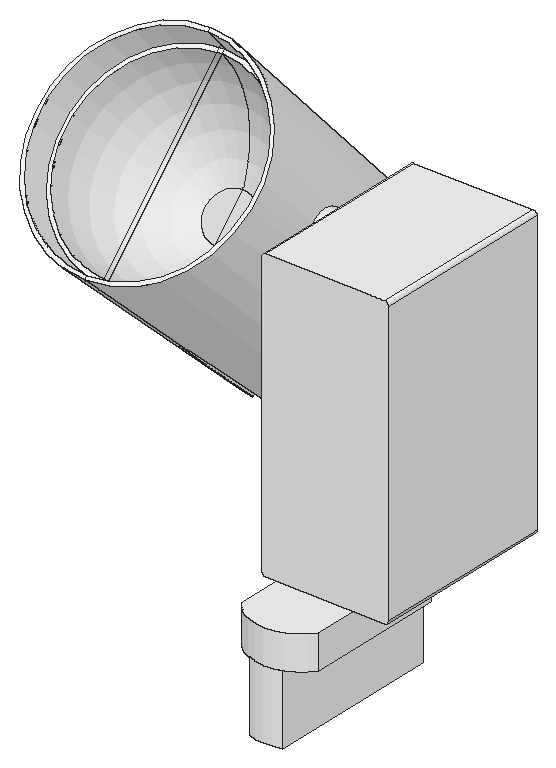
Revit family "0004826 Feilo Sylvania Lighting Fixture START TRACK SPOT S 24W 4K RA80 NB WHITE", category Lighting Fixtures, host Face, Revit 2017 (continued)
Definition of nested family "Start Track Spot Head"
  Types (96, lengths in mm): name | Wattage | built-in parameter 1150134 | Photometric Web File | Model | built-in parameter 1150105 | Lumens | built-in parameter 1150107 | built-in parameter 1150106 | HeadThickness_FEILO | HeadRibOffset_FEILO | HeadRibDepth_FEILO | HeadRibCutWidth_FEILO | HeadRibCutOffset_FEILO | HeadReflectorRadius_FEILO | HeadReflectorOffset_FEILO | HeadLEDRadius_FEILO | HeadHeight_FEILO | HeadDiffusorOffset_FEILO | HeadDiaOut_FEILO | HeadDiaIn_FEILO | HeadAxisFromTop_FEILO | Emit from Circle Diameter | built-in parameter 1150104 | Description | Apparent Load
    0004864 START TRACK SPOT S 24W 3K RA90 WB WHITE | 24 W | (empty or 0) | "0004864.ies" | "START TRACK SPOT S 24W 3K RA90 WB WHITE" | 152.79 (stored number, unit not read) | 1920 lm | 3000 (stored number, unit not read) | 1.5279 (stored number, unit not read) | 1.5 | 4.179 | 55.714 | 7.167 | 50.87 | 50.588 | 55.714 | 9.556 | 117 | 9.435 | 86 | 77.477 | 69.354 | 77.477 | 7.4322 (stored number, unit not read) | "Integrated LED spotlight, Textured White - RAL9016, compact and minimalist design, ideal for retail applications, die-cast aluminium body, passive cooling heatsink. Beam angle: 64°, color temperature: 3000K , total system power: 24W, total fixture output: 1928 lm, LOR: 100%, colour rendering: Ra: 90 typical, LED Chromaticity: 3 step MacAdam ellipse, lifetime: >50000 hours at L70B50, energy class: A++, A+, A, IR/UV free light source without heat radiation, operating voltage: 220-240V / 50-60Hz, drive current: 600mA, electronic driver, non-dimmable, power factor: 0.95, electrical protection: Class II, Global Track 3 Phase adapter suitable for Global trac 3-circuit tracks, ingress protection rating: IP20, suitable for internal environment only, horizontal rotation: 355°, vertical tilt: 90°, dimensions: Ø86x140x200, weight: 0.966kg." | 24 VA
    0004863 START TRACK SPOT S 24W 3K RA90 MB WHITE | 24 W | (empty or 0) | "0004863.ies" | "START TRACK SPOT S 24W 3K RA90 MB WHITE" | 154.7 (stored number, unit not read) | 1944 lm | 3000 (stored number, unit not read) | 1.547 (stored number, unit not read) | 1.5 | 4.179 | 55.714 | 7.167 | 50.87 | 50.588 | 55.714 | 9.556 | 117 | 9.435 | 86 | 77.477 | 69.354 | 77.477 | 7.5251 (stored number, unit not read) | "Integrated LED spotlight, Textured White - RAL9016, compact and minimalist design, ideal for retail applications, die-cast aluminium body, passive cooling heatsink. Beam angle: 36°, color temperature: 3000K , total system power: 24W, total fixture output: 1944 lm, LOR: 100%, colour rendering: Ra: 90 typical, LED Chromaticity: 3 step MacAdam ellipse, lifetime: >50000 hours at L70B50, energy class: A++, A+, A, IR/UV free light source without heat radiation, operating voltage: 220-240V / 50-60Hz, drive current: 600mA, electronic driver, non-dimmable, power factor: 0.95, electrical protection: Class II, Global Track 3 Phase adapter suitable for Global trac 3-circuit tracks, ingress protection rating: IP20, suitable for internal environment only, horizontal rotation: 355°, vertical tilt: 90°, dimensions: Ø86x140x200, weight: 0.966kg." | 24 VA
    0004862 START TRACK SPOT S 24W 3K RA90 NB WHITE | 24 W | (empty or 0) | "0004862.ies" | "START TRACK SPOT S 24W 3K RA90 NB WHITE" | 158.52 (stored number, unit not read) | 1992 lm | 3000 (stored number, unit not read) | 1.5852 (stored number, unit not read) | 1.5 | 4.179 | 55.714 | 7.167 | 50.87 | 50.588 | 55.714 | 9.556 | 117 | 9.435 | 86 | 77.477 | 69.354 | 77.477 | 7.711 (stored number, unit not read) | "Integrated LED spotlight, Textured White - RAL9016, compact and minimalist design, ideal for retail applications, die-cast aluminium body, passive cooling heatsink. Beam angle: 12°, color temperature: 3000K , total system power: 24W, total fixture output: 1987 lm, LOR: 100%, colour rendering: Ra: 90 typical, LED Chromaticity: 3 step MacAdam ellipse, lifetime: >50000 hours at L70B50, energy class: A++, A+, A, IR/UV free light source without heat radiation, operating voltage: 220-240V / 50-60Hz, drive current: 600mA, electronic driver, non-dimmable, power factor: 0.95, electrical protection: Class II, Global Track 3 Phase adapter suitable for Global trac 3-circuit tracks, ingress protection rating: IP20, suitable for internal environment only, horizontal rotation: 355°, vertical tilt: 90°, dimensions: Ø86x140x200, weight: 0.966kg." | 24 VA
    0004861 START TRACK SPOT S 14W 3K RA90 WB WHITE | 14 W | (empty or 0) | "0004861.ies" | "START TRACK SPOT S 14W 3K RA90 WB WHITE" | 100.27 (stored number, unit not read) | 1260 lm | 3000 (stored number, unit not read) | 1.0027 (stored number, unit not read) | 1.5 | 4.179 | 55.714 | 7.167 | 50.87 | 50.588 | 55.714 | 9.556 | 117 | 9.435 | 86 | 77.477 | 69.354 | 77.477 | 8.3613 (stored number, unit not read) | "Integrated LED spotlight, Textured White - RAL9016, compact and minimalist design, ideal for retail applications, die-cast aluminium body, passive cooling heatsink. Beam angle: 64°, color temperature: 3000K , total system power: 14W, total fixture output: 1262 lm, LOR: 100%, colour rendering: Ra: 90 typical, LED Chromaticity: 3 step MacAdam ellipse, lifetime: >50000 hours at L70B50, energy class: A++, A+, A, IR/UV free light source without heat radiation, operating voltage: 220-240V / 50-60Hz, drive current: 350mA, electronic driver, non-dimmable, power factor: 0.92, electrical protection: Class II, Global Track 3 Phase adapter suitable for Global trac 3-circuit tracks, ingress protection rating: IP20, suitable for internal environment only, horizontal rotation: 355°, vertical tilt: 90°, dimensions: Ø86x140x200, weight: 0.940kg." | 14 VA
    0004860 START TRACK SPOT S 14W 3K RA90 MB WHITE | 14 W | (empty or 0) | "0004860.ies" | "START TRACK SPOT S 14W 3K RA90 MB WHITE" | 100.27 (stored number, unit not read) | 1260 lm | 3000 (stored number, unit not read) | 1.0027 (stored number, unit not read) | 1.5 | 4.179 | 55.714 | 7.167 | 50.87 | 50.588 | 55.714 | 9.556 | 117 | 9.435 | 86 | 77.477 | 69.354 | 77.477 | 8.3613 (stored number, unit not read) | "Integrated LED spotlight, Textured White - RAL9016, compact and minimalist design, ideal for retail applications, die-cast aluminium body, passive cooling heatsink. Beam angle: 36°, color temperature: 3000K , total system power: 14W, total fixture output: 1262 lm, LOR: 100%, colour rendering: Ra: 90 typical, LED Chromaticity: 3 step MacAdam ellipse, lifetime: >50000 hours at L70B50, energy class: A++, A+, A, IR/UV free light source without heat radiation, operating voltage: 220-240V / 50-60Hz, drive current: 350mA, electronic driver, non-dimmable, power factor: 0.92, electrical protection: Class II, Global Track 3 Phase adapter suitable for Global trac 3-circuit tracks, ingress protection rating: IP20, suitable for internal environment only, horizontal rotation: 355°, vertical tilt: 90°, dimensions: Ø86x140x200, weight: 0.940kg." | 14 VA
    0004859 START TRACK SPOT S 14W 3K RA90 NB WHITE | 14 W | (empty or 0) | "0004859.ies" | "START TRACK SPOT S 14W 3K RA90 NB WHITE" | 102.5 (stored number, unit not read) | 1288 lm | 3000 (stored number, unit not read) | 1.025 (stored number, unit not read) | 1.5 | 4.179 | 55.714 | 7.167 | 50.87 | 50.588 | 55.714 | 9.556 | 117 | 9.435 | 86 | 77.477 | 69.354 | 77.477 | 8.5471 (stored number, unit not read) | "Integrated LED spotlight, Textured White - RAL9016, compact and minimalist design, ideal for retail applications, die-cast aluminium body, passive cooling heatsink. Beam angle: 12°, color temperature: 3000K , total system power: 14W, total fixture output: 1284 lm, LOR: 100%, colour rendering: Ra: 90 typical, LED Chromaticity: 3 step MacAdam ellipse, lifetime: >50000 hours at L70B50, energy class: A++, A+, A, IR/UV free light source without heat radiation, operating voltage: 220-240V / 50-60Hz, drive current: 350mA, electronic driver, non-dimmable, power factor: 0.92, electrical protection: Class II, Global Track 3 Phase adapter suitable for Global trac 3-circuit tracks, ingress protection rating: IP20, suitable for internal environment only, horizontal rotation: 355°, vertical tilt: 90°, dimensions: Ø86x140x200, weight: 0.940kg." | 14 VA
    0004858 START TRACK SPOT L 55W 4K RA80 WB BLACK | 55 W | 12 | "0004858.ies" | "START TRACK SPOT L 55W 4K RA80 WB BLACK" | 424.55 (stored number, unit not read) | 5335 lm | 4000 (stored number, unit not read) | 4.2455 (stored number, unit not read) | 2 | 4.429 | 59.048 | 9.417 | 53.913 | 66.471 | 59.048 | 12.556 | 124 | 10 | 113 | 101.802 | 73.503 | 101.802 | 9.0116 (stored number, unit not read) | "Integrated LED spotlight, Textured Black - RAL9005, compact and minimalist design, ideal for retail applications, die-cast aluminium body, passive cooling heatsink. Beam angle: 52°, color temperature: 4000K , total system power: 55W, total fixture output: 5320 lm, LOR: 100%, colour rendering: Ra: 80 typical, LED Chromaticity: 3 step MacAdam ellipse, lifetime: >50000 hours at L70B50, energy class: A++, A+, A, IR/UV free light source without heat radiation, operating voltage: 220-240V / 50-60Hz, drive current: 1400mA, electronic driver, non-dimmable, power factor: 0.96, electrical protection: Class II, Global Track 3 Phase adapter suitable for Global trac 3-circuit tracks, ingress protection rating: IP20, suitable for internal environment only, horizontal rotation: 355°, vertical tilt: 90°, dimensions: Ø113x164x240, weight: 1.398kg." | 55 VA
    0004857 START TRACK SPOT L 55W 4K RA80 MB BLACK | 55 W | 12 | "0004857.ies" | "START TRACK SPOT L 55W 4K RA80 MB BLACK" | 428.92 (stored number, unit not read) | 5390 lm | 4000 (stored number, unit not read) | 4.2892 (stored number, unit not read) | 2 | 4.429 | 59.048 | 9.417 | 53.913 | 66.471 | 59.048 | 12.556 | 124 | 10 | 113 | 101.802 | 73.503 | 101.802 | 9.1045 (stored number, unit not read) | "Integrated LED spotlight, Textured Black - RAL9005, compact and minimalist design, ideal for retail applications, die-cast aluminium body, passive cooling heatsink. Beam angle: 38°, color temperature: 4000K , total system power: 55W, total fixture output: 5378 lm, LOR: 100%, colour rendering: Ra: 80 typical, LED Chromaticity: 3 step MacAdam ellipse, lifetime: >50000 hours at L70B50, energy class: A++, A+, A, IR/UV free light source without heat radiation, operating voltage: 220-240V / 50-60Hz, drive current: 1400mA, electronic driver, non-dimmable, power factor: 0.96, electrical protection: Class II, Global Track 3 Phase adapter suitable for Global trac 3-circuit tracks, ingress protection rating: IP20, suitable for internal environment only, horizontal rotation: 355°, vertical tilt: 90°, dimensions: Ø113x164x240, weight: 1.398kg." | 55 VA
    0004856 START TRACK SPOT L 55W 4K RA80 NB BLACK | 55 W | 12 | "0004856.ies" | "START TRACK SPOT L 55W 4K RA80 NB BLACK" | 433.3 (stored number, unit not read) | 5445 lm | 4000 (stored number, unit not read) | 4.333 (stored number, unit not read) | 2 | 4.429 | 59.048 | 9.417 | 53.913 | 66.471 | 59.048 | 12.556 | 124 | 10 | 113 | 101.802 | 73.503 | 101.802 | 9.1974 (stored number, unit not read) | "Integrated LED spotlight, Textured Black - RAL9005, compact and minimalist design, ideal for retail applications, die-cast aluminium body, passive cooling heatsink. Beam angle: 15°, color temperature: 4000K , total system power: 55W, total fixture output: 5426 lm, LOR: 100%, colour rendering: Ra: 80 typical, LED Chromaticity: 3 step MacAdam ellipse, lifetime: >50000 hours at L70B50, energy class: A++, A+, A, IR/UV free light source without heat radiation, operating voltage: 220-240V / 50-60Hz, drive current: 1400mA, electronic driver, non-dimmable, power factor: 0.96, electrical protection: Class II, Global Track 3 Phase adapter suitable for Global trac 3-circuit tracks, ingress protection rating: IP20, suitable for internal environment only, horizontal rotation: 355°, vertical tilt: 90°, dimensions: Ø113x164x240, weight: 1.398kg." | 55 VA
    0004855 START TRACK SPOT L 35W 4K RA80 WB BLACK | 35 W | 12 | "0004855.ies" | "START TRACK SPOT L 35W 4K RA80 WB BLACK" | 320.3 (stored number, unit not read) | 4025 lm | 4000 (stored number, unit not read) | 3.203 (stored number, unit not read) | 2 | 4.429 | 59.048 | 9.417 | 53.913 | 66.471 | 59.048 | 12.556 | 124 | 10 | 113 | 101.802 | 73.503 | 101.802 | 10.684 (stored number, unit not read) | "Integrated LED spotlight, Textured Black - RAL9005, compact and minimalist design, ideal for retail applications, die-cast aluminium body, passive cooling heatsink. Beam angle: 52°, color temperature: 4000K , total system power: 35W, total fixture output: 4010 lm, LOR: 100%, colour rendering: Ra: 80 typical, LED Chromaticity: 3 step MacAdam ellipse, lifetime: >50000 hours at L70B50, energy class: A++, A+, A, IR/UV free light source without heat radiation, operating voltage: 220-240V / 50-60Hz, drive current: 900mA, electronic driver, non-dimmable, power factor: 0.93, electrical protection: Class II, Global Track 3 Phase adapter suitable for Global trac 3-circuit tracks, ingress protection rating: IP20, suitable for internal environment only, horizontal rotation: 355°, vertical tilt: 90°, dimensions: Ø113x164x240, weight: 1.368kg." | 35 VA
    0004854 START TRACK SPOT L 35W 4K RA80 MB BLACK | 35 W | 12 | "0004854.ies" | "START TRACK SPOT L 35W 4K RA80 MB BLACK" | 320.3 (stored number, unit not read) | 4025 lm | 4000 (stored number, unit not read) | 3.203 (stored number, unit not read) | 2 | 4.429 | 59.048 | 9.417 | 53.913 | 66.471 | 59.048 | 12.556 | 124 | 10 | 113 | 101.802 | 73.503 | 101.802 | 10.684 (stored number, unit not read) | "Integrated LED spotlight, Textured Black - RAL9005, compact and minimalist design, ideal for retail applications, die-cast aluminium body, passive cooling heatsink. Beam angle: 38°, color temperature: 4000K , total system power: 35W, total fixture output: 4017 lm, LOR: 100%, colour rendering: Ra: 80 typical, LED Chromaticity: 3 step MacAdam ellipse, lifetime: >50000 hours at L70B50, energy class: A++, A+, A, IR/UV free light source without heat radiation, operating voltage: 220-240V / 50-60Hz, drive current: 900mA, electronic driver, non-dimmable, power factor: 0.93, electrical protection: Class II, Global Track 3 Phase adapter suitable for Global trac 3-circuit tracks, ingress protection rating: IP20, suitable for internal environment only, horizontal rotation: 355°, vertical tilt: 90°, dimensions: Ø113x164x240, weight: 1.368kg." | 35 VA
    0004853 START TRACK SPOT L 35W 4K RA80 NB BLACK | 35 W | 12 | "0004853.ies" | "START TRACK SPOT L 35W 4K RA80 NB BLACK" | 331.44 (stored number, unit not read) | 4165 lm | 4000 (stored number, unit not read) | 3.3144 (stored number, unit not read) | 2 | 4.429 | 59.048 | 9.417 | 53.913 | 66.471 | 59.048 | 12.556 | 124 | 10 | 113 | 101.802 | 73.503 | 101.802 | 11.055 (stored number, unit not read) | "Integrated LED spotlight, Textured Black - RAL9005, compact and minimalist design, ideal for retail applications, die-cast aluminium body, passive cooling heatsink. Beam angle: 15°, color temperature: 4000K , total system power: 35W, total fixture output: 4174 lm, LOR: 100%, colour rendering: Ra: 80 typical, LED Chromaticity: 3 step MacAdam ellipse, lifetime: >50000 hours at L70B50, energy class: A++, A+, A, IR/UV free light source without heat radiation, operating voltage: 220-240V / 50-60Hz, drive current: 900mA, electronic driver, non-dimmable, power factor: 0.93, electrical protection: Class II, Global Track 3 Phase adapter suitable for Global trac 3-circuit tracks, ingress protection rating: IP20, suitable for internal environment only, horizontal rotation: 355°, vertical tilt: 90°, dimensions: Ø113x164x240, weight: 1.368kg." | 35 VA
    0004852 START TRACK SPOT S 24W 4K RA80 WB BLACK | 24 W | 12 | "0004852.ies" | "START TRACK SPOT S 24W 4K RA80 WB BLACK" | 196.72 (stored number, unit not read) | 2472 lm | 4000 (stored number, unit not read) | 1.9672 (stored number, unit not read) | 1.5 | 4.179 | 55.714 | 7.167 | 50.87 | 50.588 | 55.714 | 9.556 | 117 | 9.435 | 86 | 77.477 | 69.354 | 77.477 | 9.569 (stored number, unit not read) | "Integrated LED spotlight, Textured Black - RAL9005, compact and minimalist design, ideal for retail applications, die-cast aluminium body, passive cooling heatsink. Beam angle: 64°, color temperature: 4000K , total system power: 24W, total fixture output: 2476 lm, LOR: 100%, colour rendering: Ra: 80 typical, LED Chromaticity: 3 step MacAdam ellipse, lifetime: >50000 hours at L70B50, energy class: A++, A+, A, IR/UV free light source without heat radiation, operating voltage: 220-240V / 50-60Hz, drive current: 600mA, electronic driver, non-dimmable, power factor: 0.95, electrical protection: Class II, Global Track 3 Phase adapter suitable for Global trac 3-circuit tracks, ingress protection rating: IP20, suitable for internal environment only, horizontal rotation: 355°, vertical tilt: 90°, dimensions: Ø86x140x200, weight: 0.966kg." | 24 VA
    0004851 START TRACK SPOT S 24W 4K RA80 MB BLACK | 24 W | 12 | "0004851.ies" | "START TRACK SPOT S 24W 4K RA80 MB BLACK" | 198.63 (stored number, unit not read) | 2496 lm | 4000 (stored number, unit not read) | 1.9863 (stored number, unit not read) | 1.5 | 4.179 | 55.714 | 7.167 | 50.87 | 50.588 | 55.714 | 9.556 | 117 | 9.435 | 86 | 77.477 | 69.354 | 77.477 | 9.6619 (stored number, unit not read) | "Integrated LED spotlight, Textured Black - RAL9005, compact and minimalist design, ideal for retail applications, die-cast aluminium body, passive cooling heatsink. Beam angle: 36°, color temperature: 4000K , total system power: 24W, total fixture output: 2487 lm, LOR: 100%, colour rendering: Ra: 80 typical, LED Chromaticity: 3 step MacAdam ellipse, lifetime: >50000 hours at L70B50, energy class: A++, A+, A, IR/UV free light source without heat radiation, operating voltage: 220-240V / 50-60Hz, drive current: 600mA, electronic driver, non-dimmable, power factor: 0.95, electrical protection: Class II, Global Track 3 Phase adapter suitable for Global trac 3-circuit tracks, ingress protection rating: IP20, suitable for internal environment only, horizontal rotation: 355°, vertical tilt: 90°, dimensions: Ø86x140x200, weight: 0.966kg." | 24 VA
    0004850 START TRACK SPOT S 24W 4K RA80 NB BLACK | 24 W | 12 | "0004850.ies" | "START TRACK SPOT S 24W 4K RA80 NB BLACK" | 200.54 (stored number, unit not read) | 2520 lm | 4000 (stored number, unit not read) | 2.0054 (stored number, unit not read) | 1.5 | 4.179 | 55.714 | 7.167 | 50.87 | 50.588 | 55.714 | 9.556 | 117 | 9.435 | 86 | 77.477 | 69.354 | 77.477 | 9.7548 (stored number, unit not read) | "Integrated LED spotlight, Textured Black - RAL9005, compact and minimalist design, ideal for retail applications, die-cast aluminium body, passive cooling heatsink. Beam angle: 12°, color temperature: 4000K , total system power: 24W, total fixture output: 2529 lm, LOR: 100%, colour rendering: Ra: 80 typical, LED Chromaticity: 3 step MacAdam ellipse, lifetime: >50000 hours at L70B50, energy class: A++, A+, A, IR/UV free light source without heat radiation, operating voltage: 220-240V / 50-60Hz, drive current: 600mA, electronic driver, non-dimmable, power factor: 0.95, electrical protection: Class II, Global Track 3 Phase adapter suitable for Global trac 3-circuit tracks, ingress protection rating: IP20, suitable for internal environment only, horizontal rotation: 355°, vertical tilt: 90°, dimensions: Ø86x140x200, weight: 0.966kg." | 24 VA
    0004849 START TRACK SPOT S 14W 4K RA80 WB BLACK | 14 W | 12 | "0004849.ies" | "START TRACK SPOT S 14W 4K RA80 WB BLACK" | 123.66 (stored number, unit not read) | 1554 lm | 4000 (stored number, unit not read) | 1.2366 (stored number, unit not read) | 1.5 | 4.179 | 55.714 | 7.167 | 50.87 | 50.588 | 55.714 | 9.556 | 117 | 9.435 | 86 | 77.477 | 69.354 | 77.477 | 10.312 (stored number, unit not read) | "Integrated LED spotlight, Textured Black - RAL9005, compact and minimalist design, ideal for retail applications, die-cast aluminium body, passive cooling heatsink. Beam angle: 64°, color temperature: 4000K , total system power: 14W, total fixture output: 1558 lm, LOR: 100%, colour rendering: Ra: 80 typical, LED Chromaticity: 3 step MacAdam ellipse, lifetime: >50000 hours at L70B50, energy class: A++, A+, A, IR/UV free light source without heat radiation, operating voltage: 220-240V / 50-60Hz, drive current: 350mA, electronic driver, non-dimmable, power factor: 0.92, electrical protection: Class II, Global Track 3 Phase adapter suitable for Global trac 3-circuit tracks, ingress protection rating: IP20, suitable for internal environment only, horizontal rotation: 355°, vertical tilt: 90°, dimensions: Ø86x140x200, weight: 0.940kg." | 14 VA
    0004848 START TRACK SPOT S 14W 4K RA80 MB BLACK | 14 W | 12 | "0004848.ies" | "START TRACK SPOT S 14W 4K RA80 MB BLACK" | 127.01 (stored number, unit not read) | 1596 lm | 4000 (stored number, unit not read) | 1.2701 (stored number, unit not read) | 1.5 | 4.179 | 55.714 | 7.167 | 50.87 | 50.588 | 55.714 | 9.556 | 117 | 9.435 | 86 | 77.477 | 69.354 | 77.477 | 10.591 (stored number, unit not read) | "Integrated LED spotlight, Textured Black - RAL9005, compact and minimalist design, ideal for retail applications, die-cast aluminium body, passive cooling heatsink. Beam angle: 36°, color temperature: 4000K , total system power: 14W, total fixture output: 1598 lm, LOR: 100%, colour rendering: Ra: 80 typical, LED Chromaticity: 3 step MacAdam ellipse, lifetime: >50000 hours at L70B50, energy class: A++, A+, A, IR/UV free light source without heat radiation, operating voltage: 220-240V / 50-60Hz, drive current: 350mA, electronic driver, non-dimmable, power factor: 0.92, electrical protection: Class II, Global Track 3 Phase adapter suitable for Global trac 3-circuit tracks, ingress protection rating: IP20, suitable for internal environment only, horizontal rotation: 355°, vertical tilt: 90°, dimensions: Ø86x140x200, weight: 0.940kg." | 14 VA
    0004847 START TRACK SPOT S 14W 4K RA80 NB BLACK | 14 W | 12 | "0004847.ies" | "START TRACK SPOT S 14W 4K RA80 NB BLACK" | 128.12 (stored number, unit not read) | 1610 lm | 4000 (stored number, unit not read) | 1.2812 (stored number, unit not read) | 1.5 | 4.179 | 55.714 | 7.167 | 50.87 | 50.588 | 55.714 | 9.556 | 117 | 9.435 | 86 | 77.477 | 69.354 | 77.477 | 10.684 (stored number, unit not read) | "Integrated LED spotlight, Textured Black - RAL9005, compact and minimalist design, ideal for retail applications, die-cast aluminium body, passive cooling heatsink. Beam angle: 12°, color temperature: 4000K , total system power: 14W, total fixture output: 1608 lm, LOR: 100%, colour rendering: Ra: 80 typical, LED Chromaticity: 3 step MacAdam ellipse, lifetime: >50000 hours at L70B50, energy class: A++, A+, A, IR/UV free light source without heat radiation, operating voltage: 220-240V / 50-60Hz, drive current: 350mA, electronic driver, non-dimmable, power factor: 0.92, electrical protection: Class II, Global Track 3 Phase adapter suitable for Global trac 3-circuit tracks, ingress protection rating: IP20, suitable for internal environment only, horizontal rotation: 355°, vertical tilt: 90°, dimensions: Ø86x140x200, weight: 0.940kg." | 14 VA
    0004846 START TRACK SPOT L 55W 3K RA80 WB BLACK | 55 W | (empty or 0) | "0004846.ies" | "START TRACK SPOT L 55W 3K RA80 WB BLACK" | 420.17 (stored number, unit not read) | 5280 lm | 3000 (stored number, unit not read) | 4.2017 (stored number, unit not read) | 2 | 4.429 | 59.048 | 9.417 | 53.913 | 66.471 | 59.048 | 12.556 | 124 | 10 | 113 | 101.802 | 73.503 | 101.802 | 8.9187 (stored number, unit not read) | "Integrated LED spotlight, Textured Black - RAL9005, compact and minimalist design, ideal for retail applications, die-cast aluminium body, passive cooling heatsink. Beam angle: 52°, color temperature: 3000K , total system power: 55W, total fixture output: 5298 lm, LOR: 100%, colour rendering: Ra: 80 typical, LED Chromaticity: 3 step MacAdam ellipse, lifetime: >50000 hours at L70B50, energy class: A++, A+, A, IR/UV free light source without heat radiation, operating voltage: 220-240V / 50-60Hz, drive current: 1400mA, electronic driver, non-dimmable, power factor: 0.96, electrical protection: Class II, Global Track 3 Phase adapter suitable for Global trac 3-circuit tracks, ingress protection rating: IP20, suitable for internal environment only, horizontal rotation: 355°, vertical tilt: 90°, dimensions: Ø113x164x240, weight: 1.398kg." | 55 VA
    0004845 START TRACK SPOT L 55W 3K RA80 MB BLACK | 55 W | (empty or 0) | "0004845.ies" | "START TRACK SPOT L 55W 3K RA80 MB BLACK" | 428.92 (stored number, unit not read) | 5390 lm | 3000 (stored number, unit not read) | 4.2892 (stored number, unit not read) | 2 | 4.429 | 59.048 | 9.417 | 53.913 | 66.471 | 59.048 | 12.556 | 124 | 10 | 113 | 101.802 | 73.503 | 101.802 | 9.1045 (stored number, unit not read) | "Integrated LED spotlight, Textured Black - RAL9005, compact and minimalist design, ideal for retail applications, die-cast aluminium body, passive cooling heatsink. Beam angle: 38°, color temperature: 3000K , total system power: 55W, total fixture output: 5381 lm, LOR: 100%, colour rendering: Ra: 80 typical, LED Chromaticity: 3 step MacAdam ellipse, lifetime: >50000 hours at L70B50, energy class: A++, A+, A, IR/UV free light source without heat radiation, operating voltage: 220-240V / 50-60Hz, drive current: 1400mA, electronic driver, non-dimmable, power factor: 0.96, electrical protection: Class II, Global Track 3 Phase adapter suitable for Global trac 3-circuit tracks, ingress protection rating: IP20, suitable for internal environment only, horizontal rotation: 355°, vertical tilt: 90°, dimensions: Ø113x164x240, weight: 1.398kg." | 55 VA
    0004844 START TRACK SPOT L 55W 3K RA80 NB BLACK | 55 W | (empty or 0) | "0004844.ies" | "START TRACK SPOT L 55W 3K RA80 NB BLACK" | 433.3 (stored number, unit not read) | 5445 lm | 3000 (stored number, unit not read) | 4.333 (stored number, unit not read) | 2 | 4.429 | 59.048 | 9.417 | 53.913 | 66.471 | 59.048 | 12.556 | 124 | 10 | 113 | 101.802 | 73.503 | 101.802 | 9.1974 (stored number, unit not read) | "Integrated LED spotlight, Textured Black - RAL9005, compact and minimalist design, ideal for retail applications, die-cast aluminium body, passive cooling heatsink. Beam angle: 15°, color temperature: 3000K , total system power: 55W, total fixture output: 5449 lm, LOR: 100%, colour rendering: Ra: 80 typical, LED Chromaticity: 3 step MacAdam ellipse, lifetime: >50000 hours at L70B50, energy class: A++, A+, A, IR/UV free light source without heat radiation, operating voltage: 220-240V / 50-60Hz, drive current: 1400mA, electronic driver, non-dimmable, power factor: 0.96, electrical protection: Class II, Global Track 3 Phase adapter suitable for Global trac 3-circuit tracks, ingress protection rating: IP20, suitable for internal environment only, horizontal rotation: 355°, vertical tilt: 90°, dimensions: Ø113x164x240, weight: 1.398kg." | 55 VA
    0004843 START TRACK SPOT L 35W 3K RA80 WB BLACK | 35 W | (empty or 0) | "0004843.ies" | "START TRACK SPOT L 35W 3K RA80 WB BLACK" | 314.73 (stored number, unit not read) | 3955 lm | 3000 (stored number, unit not read) | 3.1473 (stored number, unit not read) | 2 | 4.429 | 59.048 | 9.417 | 53.913 | 66.471 | 59.048 | 12.556 | 124 | 10 | 113 | 101.802 | 73.503 | 101.802 | 10.498 (stored number, unit not read) | "Integrated LED spotlight, Textured Black - RAL9005, compact and minimalist design, ideal for retail applications, die-cast aluminium body, passive cooling heatsink. Beam angle: 52°, color temperature: 3000K , total system power: 35W, total fixture output: 3943 lm, LOR: 100%, colour rendering: Ra: 80 typical, LED Chromaticity: 3 step MacAdam ellipse, lifetime: >50000 hours at L70B50, energy class: A++, A+, A, IR/UV free light source without heat radiation, operating voltage: 220-240V / 50-60Hz, drive current: 900mA, electronic driver, non-dimmable, power factor: 0.93, electrical protection: Class II, Global Track 3 Phase adapter suitable for Global trac 3-circuit tracks, ingress protection rating: IP20, suitable for internal environment only, horizontal rotation: 355°, vertical tilt: 90°, dimensions: Ø113x164x240, weight: 1.368kg." | 35 VA
    0004842 START TRACK SPOT L 35W 3K RA80 MB BLACK | 35 W | (empty or 0) | "0004842.ies" | "START TRACK SPOT L 35W 3K RA80 MB BLACK" | 320.3 (stored number, unit not read) | 4025 lm | 3000 (stored number, unit not read) | 3.203 (stored number, unit not read) | 2 | 4.429 | 59.048 | 9.417 | 53.913 | 66.471 | 59.048 | 12.556 | 124 | 10 | 113 | 101.802 | 73.503 | 101.802 | 10.684 (stored number, unit not read) | "Integrated LED spotlight, Textured Black - RAL9005, compact and minimalist design, ideal for retail applications, die-cast aluminium body, passive cooling heatsink. Beam angle: 38°, color temperature: 3000K , total system power: 35W, total fixture output: 4008 lm, LOR: 100%, colour rendering: Ra: 80 typical, LED Chromaticity: 3 step MacAdam ellipse, lifetime: >50000 hours at L70B50, energy class: A++, A+, A, IR/UV free light source without heat radiation, operating voltage: 220-240V / 50-60Hz, drive current: 900mA, electronic driver, non-dimmable, power factor: 0.93, electrical protection: Class II, Global Track 3 Phase adapter suitable for Global trac 3-circuit tracks, ingress protection rating: IP20, suitable for internal environment only, horizontal rotation: 355°, vertical tilt: 90°, dimensions: Ø113x164x240, weight: 1.368kg." | 35 VA
    0004841 START TRACK SPOT L 35W 3K RA80 NB BLACK | 35 W | (empty or 0) | "0004841.ies" | "START TRACK SPOT L 35W 3K RA80 NB BLACK" | 317.51 (stored number, unit not read) | 3990 lm | 3000 (stored number, unit not read) | 3.1751 (stored number, unit not read) | 2 | 4.429 | 59.048 | 9.417 | 53.913 | 66.471 | 59.048 | 12.556 | 124 | 10 | 113 | 101.802 | 73.503 | 101.802 | 10.591 (stored number, unit not read) | "Integrated LED spotlight, Textured Black - RAL9005, compact and minimalist design, ideal for retail applications, die-cast aluminium body, passive cooling heatsink. Beam angle: 15°, color temperature: 3000K , total system power: 35W, total fixture output: 4005 lm, LOR: 100%, colour rendering: Ra: 80 typical, LED Chromaticity: 3 step MacAdam ellipse, lifetime: >50000 hours at L70B50, energy class: A++, A+, A, IR/UV free light source without heat radiation, operating voltage: 220-240V / 50-60Hz, drive current: 900mA, electronic driver, non-dimmable, power factor: 0.93, electrical protection: Class II, Global Track 3 Phase adapter suitable for Global trac 3-circuit tracks, ingress protection rating: IP20, suitable for internal environment only, horizontal rotation: 355°, vertical tilt: 90°, dimensions: Ø113x164x240, weight: 1.368kg." | 35 VA
    0004840 START TRACK SPOT S 24W 3K RA80 WB BLACK | 24 W | (empty or 0) | "0004840.ies" | "START TRACK SPOT S 24W 3K RA80 WB BLACK" | 185.26 (stored number, unit not read) | 2328 lm | 3000 (stored number, unit not read) | 1.8526 (stored number, unit not read) | 1.5 | 4.179 | 55.714 | 7.167 | 50.87 | 50.588 | 55.714 | 9.556 | 117 | 9.435 | 86 | 77.477 | 69.354 | 77.477 | 9.0116 (stored number, unit not read) | "Integrated LED spotlight, Textured Black - RAL9005, compact and minimalist design, ideal for retail applications, die-cast aluminium body, passive cooling heatsink. Beam angle: 64°, color temperature: 3000K , total system power: 24W, total fixture output: 2318 lm, LOR: 100%, colour rendering: Ra: 80 typical, LED Chromaticity: 3 step MacAdam ellipse, lifetime: >50000 hours at L70B50, energy class: A++, A+, A, IR/UV free light source without heat radiation, operating voltage: 220-240V / 50-60Hz, drive current: 600mA, electronic driver, non-dimmable, power factor: 0.95, electrical protection: Class II, Global Track 3 Phase adapter suitable for Global trac 3-circuit tracks, ingress protection rating: IP20, suitable for internal environment only, horizontal rotation: 355°, vertical tilt: 90°, dimensions: Ø86x140x200, weight: 0.966kg." | 24 VA
    0004839 START TRACK SPOT S 24W 3K RA80 MB BLACK | 24 W | (empty or 0) | "0004839.ies" | "START TRACK SPOT S 24W 3K RA80 MB BLACK" | 183.35 (stored number, unit not read) | 2304 lm | 3000 (stored number, unit not read) | 1.8335 (stored number, unit not read) | 1.5 | 4.179 | 55.714 | 7.167 | 50.87 | 50.588 | 55.714 | 9.556 | 117 | 9.435 | 86 | 77.477 | 69.354 | 77.477 | 8.9187 (stored number, unit not read) | "Integrated LED spotlight, Textured Black - RAL9005, compact and minimalist design, ideal for retail applications, die-cast aluminium body, passive cooling heatsink. Beam angle: 36°, color temperature: 3000K , total system power: 24W, total fixture output: 2314 lm, LOR: 100%, colour rendering: Ra: 80 typical, LED Chromaticity: 3 step MacAdam ellipse, lifetime: >50000 hours at L70B50, energy class: A++, A+, A, IR/UV free light source without heat radiation, operating voltage: 220-240V / 50-60Hz, drive current: 600mA, electronic driver, non-dimmable, power factor: 0.95, electrical protection: Class II, Global Track 3 Phase adapter suitable for Global trac 3-circuit tracks, ingress protection rating: IP20, suitable for internal environment only, horizontal rotation: 355°, vertical tilt: 90°, dimensions: Ø86x140x200, weight: 0.966kg." | 24 VA
    0004838 START TRACK SPOT S 24W 3K RA80 NB BLACK | 24 W | (empty or 0) | "0004838.ies" | "START TRACK SPOT S 24W 3K RA80 NB BLACK" | 185.26 (stored number, unit not read) | 2328 lm | 3000 (stored number, unit not read) | 1.8526 (stored number, unit not read) | 1.5 | 4.179 | 55.714 | 7.167 | 50.87 | 50.588 | 55.714 | 9.556 | 117 | 9.435 | 86 | 77.477 | 69.354 | 77.477 | 9.0116 (stored number, unit not read) | "Integrated LED spotlight, Textured Black - RAL9005, compact and minimalist design, ideal for retail applications, die-cast aluminium body, passive cooling heatsink. Beam angle: 12°, color temperature: 3000K , total system power: 24W, total fixture output: 2334 lm, LOR: 100%, colour rendering: Ra: 80 typical, LED Chromaticity: 3 step MacAdam ellipse, lifetime: >50000 hours at L70B50, energy class: A++, A+, A, IR/UV free light source without heat radiation, operating voltage: 220-240V / 50-60Hz, drive current: 600mA, electronic driver, non-dimmable, power factor: 0.95, electrical protection: Class II, Global Track 3 Phase adapter suitable for Global trac 3-circuit tracks, ingress protection rating: IP20, suitable for internal environment only, horizontal rotation: 355°, vertical tilt: 90°, dimensions: Ø86x140x200, weight: 0.966kg." | 24 VA
    0004837 START TRACK SPOT S 14W 3K RA80 WB BLACK | 14 W | (empty or 0) | "0004837.ies" | "START TRACK SPOT S 14W 3K RA80 WB BLACK" | 119.21 (stored number, unit not read) | 1498 lm | 3000 (stored number, unit not read) | 1.1921 (stored number, unit not read) | 1.5 | 4.179 | 55.714 | 7.167 | 50.87 | 50.588 | 55.714 | 9.556 | 117 | 9.435 | 86 | 77.477 | 69.354 | 77.477 | 9.9406 (stored number, unit not read) | "Integrated LED spotlight, Textured Black - RAL9005, compact and minimalist design, ideal for retail applications, die-cast aluminium body, passive cooling heatsink. Beam angle: 64°, color temperature: 3000K , total system power: 14W, total fixture output: 1498 lm, LOR: 100%, colour rendering: Ra: 80 typical, LED Chromaticity: 3 step MacAdam ellipse, lifetime: >50000 hours at L70B50, energy class: A++, A+, A, IR/UV free light source without heat radiation, operating voltage: 220-240V / 50-60Hz, drive current: 350mA, electronic driver, non-dimmable, power factor: 0.92, electrical protection: Class II, Global Track 3 Phase adapter suitable for Global trac 3-circuit tracks, ingress protection rating: IP20, suitable for internal environment only, horizontal rotation: 355°, vertical tilt: 90°, dimensions: Ø86x140x200, weight: 0.940kg." | 14 VA
    0004836 START TRACK SPOT S 14W 3K RA80 MB BLACK | 14 W | (empty or 0) | "0004836.ies" | "START TRACK SPOT S 14W 3K RA80 MB BLACK" | 120.32 (stored number, unit not read) | 1512 lm | 3000 (stored number, unit not read) | 1.2032 (stored number, unit not read) | 1.5 | 4.179 | 55.714 | 7.167 | 50.87 | 50.588 | 55.714 | 9.556 | 117 | 9.435 | 86 | 77.477 | 69.354 | 77.477 | 10.034 (stored number, unit not read) | "Integrated LED spotlight, Textured Black - RAL9005, compact and minimalist design, ideal for retail applications, die-cast aluminium body, passive cooling heatsink. Beam angle: 36°, color temperature: 3000K , total system power: 14W, total fixture output: 1508 lm, LOR: 100%, colour rendering: Ra: 80 typical, LED Chromaticity: 3 step MacAdam ellipse, lifetime: >50000 hours at L70B50, energy class: A++, A+, A, IR/UV free light source without heat radiation, operating voltage: 220-240V / 50-60Hz, drive current: 350mA, electronic driver, non-dimmable, power factor: 0.92, electrical protection: Class II, Global Track 3 Phase adapter suitable for Global trac 3-circuit tracks, ingress protection rating: IP20, suitable for internal environment only, horizontal rotation: 355°, vertical tilt: 90°, dimensions: Ø86x140x200, weight: 0.940kg." | 14 VA
    0004835 START TRACK SPOT S 14W 3K RA80 NB BLACK | 14 W | (empty or 0) | "0004835.ies" | "START TRACK SPOT S 14W 3K RA80 NB BLACK" | 123.66 (stored number, unit not read) | 1554 lm | 3000 (stored number, unit not read) | 1.2366 (stored number, unit not read) | 1.5 | 4.179 | 55.714 | 7.167 | 50.87 | 50.588 | 55.714 | 9.556 | 117 | 9.435 | 86 | 77.477 | 69.354 | 77.477 | 10.312 (stored number, unit not read) | "Integrated LED spotlight, Textured Black - RAL9005, compact and minimalist design, ideal for retail applications, die-cast aluminium body, passive cooling heatsink. Beam angle: 12°, color temperature: 3000K , total system power: 14W, total fixture output: 1551 lm, LOR: 100%, colour rendering: Ra: 80 typical, LED Chromaticity: 3 step MacAdam ellipse, lifetime: >50000 hours at L70B50, energy class: A++, A+, A, IR/UV free light source without heat radiation, operating voltage: 220-240V / 50-60Hz, drive current: 350mA, electronic driver, non-dimmable, power factor: 0.92, electrical protection: Class II, Global Track 3 Phase adapter suitable for Global trac 3-circuit tracks, ingress protection rating: IP20, suitable for internal environment only, horizontal rotation: 355°, vertical tilt: 90°, dimensions: Ø86x140x200, weight: 0.940kg." | 14 VA
    0004834 START TRACK SPOT L 55W 4K RA80 WB WHITE | 55 W | 12 | "0004834.ies" | "START TRACK SPOT L 55W 4K RA80 WB WHITE" | 424.55 (stored number, unit not read) | 5335 lm | 4000 (stored number, unit not read) | 4.2455 (stored number, unit not read) | 2 | 4.429 | 59.048 | 9.417 | 53.913 | 66.471 | 59.048 | 12.556 | 124 | 10 | 113 | 101.802 | 73.503 | 101.802 | 9.0116 (stored number, unit not read) | "Integrated LED spotlight, Textured White - RAL9016, compact and minimalist design, ideal for retail applications, die-cast aluminium body, passive cooling heatsink. Beam angle: 52°, color temperature: 4000K , total system power: 55W, total fixture output: 5320 lm, LOR: 100%, colour rendering: Ra: 80 typical, LED Chromaticity: 3 step MacAdam ellipse, lifetime: >50000 hours at L70B50, energy class: A++, A+, A, IR/UV free light source without heat radiation, operating voltage: 220-240V / 50-60Hz, drive current: 1400mA, electronic driver, non-dimmable, power factor: 0.96, electrical protection: Class II, Global Track 3 Phase adapter suitable for Global trac 3-circuit tracks, ingress protection rating: IP20, suitable for internal environment only, horizontal rotation: 355°, vertical tilt: 90°, dimensions: Ø113x164x240, weight: 1.398kg." | 55 VA
    0004833 START TRACK SPOT L 55W 4K RA80 MB WHITE | 55 W | 12 | "0004833.ies" | "START TRACK SPOT L 55W 4K RA80 MB WHITE" | 428.92 (stored number, unit not read) | 5390 lm | 4000 (stored number, unit not read) | 4.2892 (stored number, unit not read) | 2 | 4.429 | 59.048 | 9.417 | 53.913 | 66.471 | 59.048 | 12.556 | 124 | 10 | 113 | 101.802 | 73.503 | 101.802 | 9.1045 (stored number, unit not read) | "Integrated LED spotlight, Textured White - RAL9016, compact and minimalist design, ideal for retail applications, die-cast aluminium body, passive cooling heatsink. Beam angle: 38°, color temperature: 4000K , total system power: 55W, total fixture output: 5378 lm, LOR: 100%, colour rendering: Ra: 80 typical, LED Chromaticity: 3 step MacAdam ellipse, lifetime: >50000 hours at L70B50, energy class: A++, A+, A, IR/UV free light source without heat radiation, operating voltage: 220-240V / 50-60Hz, drive current: 1400mA, electronic driver, non-dimmable, power factor: 0.96, electrical protection: Class II, Global Track 3 Phase adapter suitable for Global trac 3-circuit tracks, ingress protection rating: IP20, suitable for internal environment only, horizontal rotation: 355°, vertical tilt: 90°, dimensions: Ø113x164x240, weight: 1.398kg." | 55 VA
    0004832 START TRACK SPOT L 55W 4K RA80 NB WHITE | 55 W | 12 | "0004832.ies" | "START TRACK SPOT L 55W 4K RA80 NB WHITE" | 433.3 (stored number, unit not read) | 5445 lm | 4000 (stored number, unit not read) | 4.333 (stored number, unit not read) | 2 | 4.429 | 59.048 | 9.417 | 53.913 | 66.471 | 59.048 | 12.556 | 124 | 10 | 113 | 101.802 | 73.503 | 101.802 | 9.1974 (stored number, unit not read) | "Integrated LED spotlight, Textured White - RAL9016, compact and minimalist design, ideal for retail applications, die-cast aluminium body, passive cooling heatsink. Beam angle: 15°, color temperature: 4000K , total system power: 55W, total fixture output: 5426 lm, LOR: 100%, colour rendering: Ra: 80 typical, LED Chromaticity: 3 step MacAdam ellipse, lifetime: >50000 hours at L70B50, energy class: A++, A+, A, IR/UV free light source without heat radiation, operating voltage: 220-240V / 50-60Hz, drive current: 1400mA, electronic driver, non-dimmable, power factor: 0.96, electrical protection: Class II, Global Track 3 Phase adapter suitable for Global trac 3-circuit tracks, ingress protection rating: IP20, suitable for internal environment only, horizontal rotation: 355°, vertical tilt: 90°, dimensions: Ø113x164x240, weight: 1.398kg." | 55 VA
    0004831 START TRACK SPOT L 35W 4K RA80 WB WHITE | 35 W | 12 | "0004831.ies" | "START TRACK SPOT L 35W 4K RA80 WB WHITE" | 320.3 (stored number, unit not read) | 4025 lm | 4000 (stored number, unit not read) | 3.203 (stored number, unit not read) | 2 | 4.429 | 59.048 | 9.417 | 53.913 | 66.471 | 59.048 | 12.556 | 124 | 10 | 113 | 101.802 | 73.503 | 101.802 | 10.684 (stored number, unit not read) | "Integrated LED spotlight, Textured White - RAL9016, compact and minimalist design, ideal for retail applications, die-cast aluminium body, passive cooling heatsink. Beam angle: 52°, color temperature: 4000K , total system power: 35W, total fixture output: 4010 lm, LOR: 100%, colour rendering: Ra: 80 typical, LED Chromaticity: 3 step MacAdam ellipse, lifetime: >50000 hours at L70B50, energy class: A++, A+, A, IR/UV free light source without heat radiation, operating voltage: 220-240V / 50-60Hz, drive current: 900mA, electronic driver, non-dimmable, power factor: 0.93, electrical protection: Class II, Global Track 3 Phase adapter suitable for Global trac 3-circuit tracks, ingress protection rating: IP20, suitable for internal environment only, horizontal rotation: 355°, vertical tilt: 90°, dimensions: Ø113x164x240, weight: 1.368kg." | 35 VA
    0004830 START TRACK SPOT L 35W 4K RA80 MB WHITE | 35 W | 12 | "0004830.ies" | "START TRACK SPOT L 35W 4K RA80 MB WHITE" | 320.3 (stored number, unit not read) | 4025 lm | 4000 (stored number, unit not read) | 3.203 (stored number, unit not read) | 2 | 4.429 | 59.048 | 9.417 | 53.913 | 66.471 | 59.048 | 12.556 | 124 | 10 | 113 | 101.802 | 73.503 | 101.802 | 10.684 (stored number, unit not read) | "Integrated LED spotlight, Textured White - RAL9016, compact and minimalist design, ideal for retail applications, die-cast aluminium body, passive cooling heatsink. Beam angle: 38°, color temperature: 4000K , total system power: 35W, total fixture output: 4017 lm, LOR: 100%, colour rendering: Ra: 80 typical, LED Chromaticity: 3 step MacAdam ellipse, lifetime: >50000 hours at L70B50, energy class: A++, A+, A, IR/UV free light source without heat radiation, operating voltage: 220-240V / 50-60Hz, drive current: 900mA, electronic driver, non-dimmable, power factor: 0.93, electrical protection: Class II, Global Track 3 Phase adapter suitable for Global trac 3-circuit tracks, ingress protection rating: IP20, suitable for internal environment only, horizontal rotation: 355°, vertical tilt: 90°, dimensions: Ø113x164x240, weight: 1.368kg." | 35 VA
    0004829 START TRACK SPOT L 35W 4K RA80 NB WHITE | 35 W | 12 | "0004829.ies" | "START TRACK SPOT L 35W 4K RA80 NB WHITE" | 331.44 (stored number, unit not read) | 4165 lm | 4000 (stored number, unit not read) | 3.3144 (stored number, unit not read) | 2 | 4.429 | 59.048 | 9.417 | 53.913 | 66.471 | 59.048 | 12.556 | 124 | 10 | 113 | 101.802 | 73.503 | 101.802 | 11.055 (stored number, unit not read) | "Integrated LED spotlight, Textured White - RAL9016, compact and minimalist design, ideal for retail applications, die-cast aluminium body, passive cooling heatsink. Beam angle: 15°, color temperature: 4000K , total system power: 35W, total fixture output: 4174 lm, LOR: 100%, colour rendering: Ra: 80 typical, LED Chromaticity: 3 step MacAdam ellipse, lifetime: >50000 hours at L70B50, energy class: A++, A+, A, IR/UV free light source without heat radiation, operating voltage: 220-240V / 50-60Hz, drive current: 900mA, electronic driver, non-dimmable, power factor: 0.93, electrical protection: Class II, Global Track 3 Phase adapter suitable for Global trac 3-circuit tracks, ingress protection rating: IP20, suitable for internal environment only, horizontal rotation: 355°, vertical tilt: 90°, dimensions: Ø113x164x240, weight: 1.368kg." | 35 VA
    0004828 START TRACK SPOT S 24W 4K RA80 WB WHITE | 24 W | 12 | "0004828.ies" | "START TRACK SPOT S 24W 4K RA80 WB WHITE" | 196.72 (stored number, unit not read) | 2472 lm | 4000 (stored number, unit not read) | 1.9672 (stored number, unit not read) | 1.5 | 4.179 | 55.714 | 7.167 | 50.87 | 50.588 | 55.714 | 9.556 | 117 | 9.435 | 86 | 77.477 | 69.354 | 77.477 | 9.569 (stored number, unit not read) | "Integrated LED spotlight, Textured White - RAL9016, compact and minimalist design, ideal for retail applications, die-cast aluminium body, passive cooling heatsink. Beam angle: 64°, color temperature: 4000K , total system power: 24W, total fixture output: 2476 lm, LOR: 100%, colour rendering: Ra: 80 typical, LED Chromaticity: 3 step MacAdam ellipse, lifetime: >50000 hours at L70B50, energy class: A++, A+, A, IR/UV free light source without heat radiation, operating voltage: 220-240V / 50-60Hz, drive current: 600mA, electronic driver, non-dimmable, power factor: 0.95, electrical protection: Class II, Global Track 3 Phase adapter suitable for Global trac 3-circuit tracks, ingress protection rating: IP20, suitable for internal environment only, horizontal rotation: 355°, vertical tilt: 90°, dimensions: Ø86x140x200, weight: 0.966kg." | 24 VA
    0004827 START TRACK SPOT S 24W 4K RA80 MB WHITE | 24 W | 12 | "0004827.ies" | "START TRACK SPOT S 24W 4K RA80 MB WHITE" | 198.63 (stored number, unit not read) | 2496 lm | 4000 (stored number, unit not read) | 1.9863 (stored number, unit not read) | 1.5 | 4.179 | 55.714 | 7.167 | 50.87 | 50.588 | 55.714 | 9.556 | 117 | 9.435 | 86 | 77.477 | 69.354 | 77.477 | 9.6619 (stored number, unit not read) | "Integrated LED spotlight, Textured White - RAL9016, compact and minimalist design, ideal for retail applications, die-cast aluminium body, passive cooling heatsink. Beam angle: 36°, color temperature: 4000K , total system power: 24W, total fixture output: 2487 lm, LOR: 100%, colour rendering: Ra: 80 typical, LED Chromaticity: 3 step MacAdam ellipse, lifetime: >50000 hours at L70B50, energy class: A++, A+, A, IR/UV free light source without heat radiation, operating voltage: 220-240V / 50-60Hz, drive current: 600mA, electronic driver, non-dimmable, power factor: 0.95, electrical protection: Class II, Global Track 3 Phase adapter suitable for Global trac 3-circuit tracks, ingress protection rating: IP20, suitable for internal environment only, horizontal rotation: 355°, vertical tilt: 90°, dimensions: Ø86x140x200, weight: 0.966kg." | 24 VA
    0004826 START TRACK SPOT S 24W 4K RA80 NB WHITE | 24 W | 12 | "0004826.ies" | "START TRACK SPOT S 24W 4K RA80 NB WHITE" | 200.54 (stored number, unit not read) | 2520 lm | 4000 (stored number, unit not read) | 2.0054 (stored number, unit not read) | 1.5 | 4.179 | 55.714 | 7.167 | 50.87 | 50.588 | 55.714 | 9.556 | 117 | 9.435 | 86 | 77.477 | 69.354 | 77.477 | 9.7548 (stored number, unit not read) | "Integrated LED spotlight, Textured White - RAL9016, compact and minimalist design, ideal for retail applications, die-cast aluminium body, passive cooling heatsink. Beam angle: 12°, color temperature: 4000K , total system power: 24W, total fixture output: 2529 lm, LOR: 100%, colour rendering: Ra: 80 typical, LED Chromaticity: 3 step MacAdam ellipse, lifetime: >50000 hours at L70B50, energy class: A++, A+, A, IR/UV free light source without heat radiation, operating voltage: 220-240V / 50-60Hz, drive current: 600mA, electronic driver, non-dimmable, power factor: 0.95, electrical protection: Class II, Global Track 3 Phase adapter suitable for Global trac 3-circuit tracks, ingress protection rating: IP20, suitable for internal environment only, horizontal rotation: 355°, vertical tilt: 90°, dimensions: Ø86x140x200, weight: 0.966kg." | 24 VA
    0004825 START TRACK SPOT S 14W 4K RA80 WB WHITE | 14 W | 12 | "0004825.ies" | "START TRACK SPOT S 14W 4K RA80 WB WHITE" | 123.66 (stored number, unit not read) | 1554 lm | 4000 (stored number, unit not read) | 1.2366 (stored number, unit not read) | 1.5 | 4.179 | 55.714 | 7.167 | 50.87 | 50.588 | 55.714 | 9.556 | 117 | 9.435 | 86 | 77.477 | 69.354 | 77.477 | 10.312 (stored number, unit not read) | "Integrated LED spotlight, Textured White - RAL9016, compact and minimalist design, ideal for retail applications, die-cast aluminium body, passive cooling heatsink. Beam angle: 64°, color temperature: 4000K , total system power: 14W, total fixture output: 1558 lm, LOR: 100%, colour rendering: Ra: 80 typical, LED Chromaticity: 3 step MacAdam ellipse, lifetime: >50000 hours at L70B50, energy class: A++, A+, A, IR/UV free light source without heat radiation, operating voltage: 220-240V / 50-60Hz, drive current: 350mA, electronic driver, non-dimmable, power factor: 0.92, electrical protection: Class II, Global Track 3 Phase adapter suitable for Global trac 3-circuit tracks, ingress protection rating: IP20, suitable for internal environment only, horizontal rotation: 355°, vertical tilt: 90°, dimensions: Ø86x140x200, weight: 0.940kg." | 14 VA
    0004824 START TRACK SPOT S 14W 4K RA80 MB WHITE | 14 W | 12 | "0004824.ies" | "START TRACK SPOT S 14W 4K RA80 MB WHITE" | 127.01 (stored number, unit not read) | 1596 lm | 4000 (stored number, unit not read) | 1.2701 (stored number, unit not read) | 1.5 | 4.179 | 55.714 | 7.167 | 50.87 | 50.588 | 55.714 | 9.556 | 117 | 9.435 | 86 | 77.477 | 69.354 | 77.477 | 10.591 (stored number, unit not read) | "Integrated LED spotlight, Textured White - RAL9016, compact and minimalist design, ideal for retail applications, die-cast aluminium body, passive cooling heatsink. Beam angle: 36°, color temperature: 4000K , total system power: 14W, total fixture output: 1598 lm, LOR: 100%, colour rendering: Ra: 80 typical, LED Chromaticity: 3 step MacAdam ellipse, lifetime: >50000 hours at L70B50, energy class: A++, A+, A, IR/UV free light source without heat radiation, operating voltage: 220-240V / 50-60Hz, drive current: 350mA, electronic driver, non-dimmable, power factor: 0.92, electrical protection: Class II, Global Track 3 Phase adapter suitable for Global trac 3-circuit tracks, ingress protection rating: IP20, suitable for internal environment only, horizontal rotation: 355°, vertical tilt: 90°, dimensions: Ø86x140x200, weight: 0.940kg." | 14 VA
    0004823 START TRACK SPOT S 14W 4K RA80 NB WHITE | 14 W | 12 | "0004823.ies" | "START TRACK SPOT S 14W 4K RA80 NB WHITE" | 128.12 (stored number, unit not read) | 1610 lm | 4000 (stored number, unit not read) | 1.2812 (stored number, unit not read) | 1.5 | 4.179 | 55.714 | 7.167 | 50.87 | 50.588 | 55.714 | 9.556 | 117 | 9.435 | 86 | 77.477 | 69.354 | 77.477 | 10.684 (stored number, unit not read) | "Integrated LED spotlight, Textured White - RAL9016, compact and minimalist design, ideal for retail applications, die-cast aluminium body, passive cooling heatsink. Beam angle: 12°, color temperature: 4000K , total system power: 14W, total fixture output: 1608 lm, LOR: 100%, colour rendering: Ra: 80 typical, LED Chromaticity: 3 step MacAdam ellipse, lifetime: >50000 hours at L70B50, energy class: A++, A+, A, IR/UV free light source without heat radiation, operating voltage: 220-240V / 50-60Hz, drive current: 350mA, electronic driver, non-dimmable, power factor: 0.92, electrical protection: Class II, Global Track 3 Phase adapter suitable for Global trac 3-circuit tracks, ingress protection rating: IP20, suitable for internal environment only, horizontal rotation: 355°, vertical tilt: 90°, dimensions: Ø86x140x200, weight: 0.940kg." | 14 VA
    0004822 START TRACK SPOT L 55W 3K RA80 WB WHITE | 55 W | (empty or 0) | "0004822.ies" | "START TRACK SPOT L 55W 3K RA80 WB WHITE" | 420.17 (stored number, unit not read) | 5280 lm | 3000 (stored number, unit not read) | 4.2017 (stored number, unit not read) | 2 | 4.429 | 59.048 | 9.417 | 53.913 | 66.471 | 59.048 | 12.556 | 124 | 10 | 113 | 101.802 | 73.503 | 101.802 | 8.9187 (stored number, unit not read) | "Integrated LED spotlight, Textured White - RAL9016, compact and minimalist design, ideal for retail applications, die-cast aluminium body, passive cooling heatsink. Beam angle: 52°, color temperature: 3000K , total system power: 55W, total fixture output: 5298 lm, LOR: 100%, colour rendering: Ra: 80 typical, LED Chromaticity: 3 step MacAdam ellipse, lifetime: >50000 hours at L70B50, energy class: A++, A+, A, IR/UV free light source without heat radiation, operating voltage: 220-240V / 50-60Hz, drive current: 1400mA, electronic driver, non-dimmable, power factor: 0.96, electrical protection: Class II, Global Track 3 Phase adapter suitable for Global trac 3-circuit tracks, ingress protection rating: IP20, suitable for internal environment only, horizontal rotation: 355°, vertical tilt: 90°, dimensions: Ø113x164x240, weight: 1.398kg." | 55 VA
    0004821 START TRACK SPOT L 55W 3K RA80 MB WHITE | 55 W | (empty or 0) | "0004821.ies" | "START TRACK SPOT L 55W 3K RA80 MB WHITE" | 428.92 (stored number, unit not read) | 5390 lm | 3000 (stored number, unit not read) | 4.2892 (stored number, unit not read) | 2 | 4.429 | 59.048 | 9.417 | 53.913 | 66.471 | 59.048 | 12.556 | 124 | 10 | 113 | 101.802 | 73.503 | 101.802 | 9.1045 (stored number, unit not read) | "Integrated LED spotlight, Textured White - RAL9016, compact and minimalist design, ideal for retail applications, die-cast aluminium body, passive cooling heatsink. Beam angle: 38°, color temperature: 3000K , total system power: 55W, total fixture output: 5381 lm, LOR: 100%, colour rendering: Ra: 80 typical, LED Chromaticity: 3 step MacAdam ellipse, lifetime: >50000 hours at L70B50, energy class: A++, A+, A, IR/UV free light source without heat radiation, operating voltage: 220-240V / 50-60Hz, drive current: 1400mA, electronic driver, non-dimmable, power factor: 0.96, electrical protection: Class II, Global Track 3 Phase adapter suitable for Global trac 3-circuit tracks, ingress protection rating: IP20, suitable for internal environment only, horizontal rotation: 355°, vertical tilt: 90°, dimensions: Ø113x164x240, weight: 1.398kg." | 55 VA
    0004820 START TRACK SPOT L 55W 3K RA80 NB WHITE | 55 W | (empty or 0) | "0004820.ies" | "START TRACK SPOT L 55W 3K RA80 NB WHITE" | 433.3 (stored number, unit not read) | 5445 lm | 3000 (stored number, unit not read) | 4.333 (stored number, unit not read) | 2 | 4.429 | 59.048 | 9.417 | 53.913 | 66.471 | 59.048 | 12.556 | 124 | 10 | 113 | 101.802 | 73.503 | 101.802 | 9.1974 (stored number, unit not read) | "Integrated LED spotlight, Textured White - RAL9016, compact and minimalist design, ideal for retail applications, die-cast aluminium body, passive cooling heatsink. Beam angle: 15°, color temperature: 3000K , total system power: 55W, total fixture output: 5449 lm, LOR: 100%, colour rendering: Ra: 80 typical, LED Chromaticity: 3 step MacAdam ellipse, lifetime: >50000 hours at L70B50, energy class: A++, A+, A, IR/UV free light source without heat radiation, operating voltage: 220-240V / 50-60Hz, drive current: 1400mA, electronic driver, non-dimmable, power factor: 0.96, electrical protection: Class II, Global Track 3 Phase adapter suitable for Global trac 3-circuit tracks, ingress protection rating: IP20, suitable for internal environment only, horizontal rotation: 355°, vertical tilt: 90°, dimensions: Ø113x164x240, weight: 1.398kg." | 55 VA
    0004819 START TRACK SPOT L 35W 3K RA80 WB WHITE | 35 W | (empty or 0) | "0004819.ies" | "START TRACK SPOT L 35W 3K RA80 WB WHITE" | 314.73 (stored number, unit not read) | 3955 lm | 3000 (stored number, unit not read) | 3.1473 (stored number, unit not read) | 2 | 4.429 | 59.048 | 9.417 | 53.913 | 66.471 | 59.048 | 12.556 | 124 | 10 | 113 | 101.802 | 73.503 | 101.802 | 10.498 (stored number, unit not read) | "Integrated LED spotlight, Textured White - RAL9016, compact and minimalist design, ideal for retail applications, die-cast aluminium body, passive cooling heatsink. Beam angle: 52°, color temperature: 3000K , total system power: 35W, total fixture output: 3943 lm, LOR: 100%, colour rendering: Ra: 80 typical, LED Chromaticity: 3 step MacAdam ellipse, lifetime: >50000 hours at L70B50, energy class: A++, A+, A, IR/UV free light source without heat radiation, operating voltage: 220-240V / 50-60Hz, drive current: 900mA, electronic driver, non-dimmable, power factor: 0.93, electrical protection: Class II, Global Track 3 Phase adapter suitable for Global trac 3-circuit tracks, ingress protection rating: IP20, suitable for internal environment only, horizontal rotation: 355°, vertical tilt: 90°, dimensions: Ø113x164x240, weight: 1.368kg." | 35 VA
    0004818 START TRACK SPOT L 35W 3K RA80 MB WHITE | 35 W | (empty or 0) | "0004818.ies" | "START TRACK SPOT L 35W 3K RA80 MB WHITE" | 320.3 (stored number, unit not read) | 4025 lm | 3000 (stored number, unit not read) | 3.203 (stored number, unit not read) | 2 | 4.429 | 59.048 | 9.417 | 53.913 | 66.471 | 59.048 | 12.556 | 124 | 10 | 113 | 101.802 | 73.503 | 101.802 | 10.684 (stored number, unit not read) | "Integrated LED spotlight, Textured White - RAL9016, compact and minimalist design, ideal for retail applications, die-cast aluminium body, passive cooling heatsink. Beam angle: 38°, color temperature: 3000K , total system power: 35W, total fixture output: 4008 lm, LOR: 100%, colour rendering: Ra: 80 typical, LED Chromaticity: 3 step MacAdam ellipse, lifetime: >50000 hours at L70B50, energy class: A++, A+, A, IR/UV free light source without heat radiation, operating voltage: 220-240V / 50-60Hz, drive current: 900mA, electronic driver, non-dimmable, power factor: 0.93, electrical protection: Class II, Global Track 3 Phase adapter suitable for Global trac 3-circuit tracks, ingress protection rating: IP20, suitable for internal environment only, horizontal rotation: 355°, vertical tilt: 90°, dimensions: Ø113x164x240, weight: 1.368kg." | 35 VA
    0004817 START TRACK SPOT L 35W 3K RA80 NB WHITE | 35 W | (empty or 0) | "0004817.ies" | "START TRACK SPOT L 35W 3K RA80 NB WHITE" | 317.51 (stored number, unit not read) | 3990 lm | 3000 (stored number, unit not read) | 3.1751 (stored number, unit not read) | 2 | 4.429 | 59.048 | 9.417 | 53.913 | 66.471 | 59.048 | 12.556 | 124 | 10 | 113 | 101.802 | 73.503 | 101.802 | 10.591 (stored number, unit not read) | "Integrated LED spotlight, Textured White - RAL9016, compact and minimalist design, ideal for retail applications, die-cast aluminium body, passive cooling heatsink. Beam angle: 15°, color temperature: 3000K , total system power: 35W, total fixture output: 4005 lm, LOR: 100%, colour rendering: Ra: 80 typical, LED Chromaticity: 3 step MacAdam ellipse, lifetime: >50000 hours at L70B50, energy class: A++, A+, A, IR/UV free light source without heat radiation, operating voltage: 220-240V / 50-60Hz, drive current: 900mA, electronic driver, non-dimmable, power factor: 0.93, electrical protection: Class II, Global Track 3 Phase adapter suitable for Global trac 3-circuit tracks, ingress protection rating: IP20, suitable for internal environment only, horizontal rotation: 355°, vertical tilt: 90°, dimensions: Ø113x164x240, weight: 1.368kg." | 35 VA
    0004816 START TRACK SPOT S 24W 3K RA80 WB WHITE | 24 W | (empty or 0) | "0004816.ies" | "START TRACK SPOT S 24W 3K RA80 WB WHITE" | 185.26 (stored number, unit not read) | 2328 lm | 3000 (stored number, unit not read) | 1.8526 (stored number, unit not read) | 1.5 | 4.179 | 55.714 | 7.167 | 50.87 | 50.588 | 55.714 | 9.556 | 117 | 9.435 | 86 | 77.477 | 69.354 | 77.477 | 9.0116 (stored number, unit not read) | "Integrated LED spotlight, Textured White - RAL9016, compact and minimalist design, ideal for retail applications, die-cast aluminium body, passive cooling heatsink. Beam angle: 64°, color temperature: 3000K , total system power: 24W, total fixture output: 2318 lm, LOR: 100%, colour rendering: Ra: 80 typical, LED Chromaticity: 3 step MacAdam ellipse, lifetime: >50000 hours at L70B50, energy class: A++, A+, A, IR/UV free light source without heat radiation, operating voltage: 220-240V / 50-60Hz, drive current: 600mA, electronic driver, non-dimmable, power factor: 0.95, electrical protection: Class II, Global Track 3 Phase adapter suitable for Global trac 3-circuit tracks, ingress protection rating: IP20, suitable for internal environment only, horizontal rotation: 355°, vertical tilt: 90°, dimensions: Ø86x140x200, weight: 0.966kg." | 24 VA
    0004815 START TRACK SPOT S 24W 3K RA80 MB WHITE | 24 W | (empty or 0) | "0004815.ies" | "START TRACK SPOT S 24W 3K RA80 MB WHITE" | 183.35 (stored number, unit not read) | 2304 lm | 3000 (stored number, unit not read) | 1.8335 (stored number, unit not read) | 1.5 | 4.179 | 55.714 | 7.167 | 50.87 | 50.588 | 55.714 | 9.556 | 117 | 9.435 | 86 | 77.477 | 69.354 | 77.477 | 8.9187 (stored number, unit not read) | "Integrated LED spotlight, Textured White - RAL9016, compact and minimalist design, ideal for retail applications, die-cast aluminium body, passive cooling heatsink. Beam angle: 36°, color temperature: 3000K , total system power: 24W, total fixture output: 2314 lm, LOR: 100%, colour rendering: Ra: 80 typical, LED Chromaticity: 3 step MacAdam ellipse, lifetime: >50000 hours at L70B50, energy class: A++, A+, A, IR/UV free light source without heat radiation, operating voltage: 220-240V / 50-60Hz, drive current: 600mA, electronic driver, non-dimmable, power factor: 0.95, electrical protection: Class II, Global Track 3 Phase adapter suitable for Global trac 3-circuit tracks, ingress protection rating: IP20, suitable for internal environment only, horizontal rotation: 355°, vertical tilt: 90°, dimensions: Ø86x140x200, weight: 0.966kg." | 24 VA
    0004814 START TRACK SPOT S 24W 3K RA80 NB WHITE | 24 W | (empty or 0) | "0004814.ies" | "START TRACK SPOT S 24W 3K RA80 NB WHITE" | 185.26 (stored number, unit not read) | 2328 lm | 3000 (stored number, unit not read) | 1.8526 (stored number, unit not read) | 1.5 | 4.179 | 55.714 | 7.167 | 50.87 | 50.588 | 55.714 | 9.556 | 117 | 9.435 | 86 | 77.477 | 69.354 | 77.477 | 9.0116 (stored number, unit not read) | "Integrated LED spotlight, Textured White - RAL9016, compact and minimalist design, ideal for retail applications, die-cast aluminium body, passive cooling heatsink. Beam angle: 12°, color temperature: 3000K , total system power: 24W, total fixture output: 2334 lm, LOR: 100%, colour rendering: Ra: 80 typical, LED Chromaticity: 3 step MacAdam ellipse, lifetime: >50000 hours at L70B50, energy class: A++, A+, A, IR/UV free light source without heat radiation, operating voltage: 220-240V / 50-60Hz, drive current: 600mA, electronic driver, non-dimmable, power factor: 0.95, electrical protection: Class II, Global Track 3 Phase adapter suitable for Global trac 3-circuit tracks, ingress protection rating: IP20, suitable for internal environment only, horizontal rotation: 355°, vertical tilt: 90°, dimensions: Ø86x140x200, weight: 0.966kg." | 24 VA
    0004813 START TRACK SPOT S 14W 3K RA80 WB WHITE | 14 W | (empty or 0) | "0004813.ies" | "START TRACK SPOT S 14W 3K RA80 WB WHITE" | 119.21 (stored number, unit not read) | 1498 lm | 3000 (stored number, unit not read) | 1.1921 (stored number, unit not read) | 1.5 | 4.179 | 55.714 | 7.167 | 50.87 | 50.588 | 55.714 | 9.556 | 117 | 9.435 | 86 | 77.477 | 69.354 | 77.477 | 9.9406 (stored number, unit not read) | "Integrated LED spotlight, Textured White - RAL9016, compact and minimalist design, ideal for retail applications, die-cast aluminium body, passive cooling heatsink. Beam angle: 64°, color temperature: 3000K , total system power: 14W, total fixture output: 1498 lm, LOR: 100%, colour rendering: Ra: 80 typical, LED Chromaticity: 3 step MacAdam ellipse, lifetime: >50000 hours at L70B50, energy class: A++, A+, A, IR/UV free light source without heat radiation, operating voltage: 220-240V / 50-60Hz, drive current: 350mA, electronic driver, non-dimmable, power factor: 0.92, electrical protection: Class II, Global Track 3 Phase adapter suitable for Global trac 3-circuit tracks, ingress protection rating: IP20, suitable for internal environment only, horizontal rotation: 355°, vertical tilt: 90°, dimensions: Ø86x140x200, weight: 0.940kg." | 14 VA
